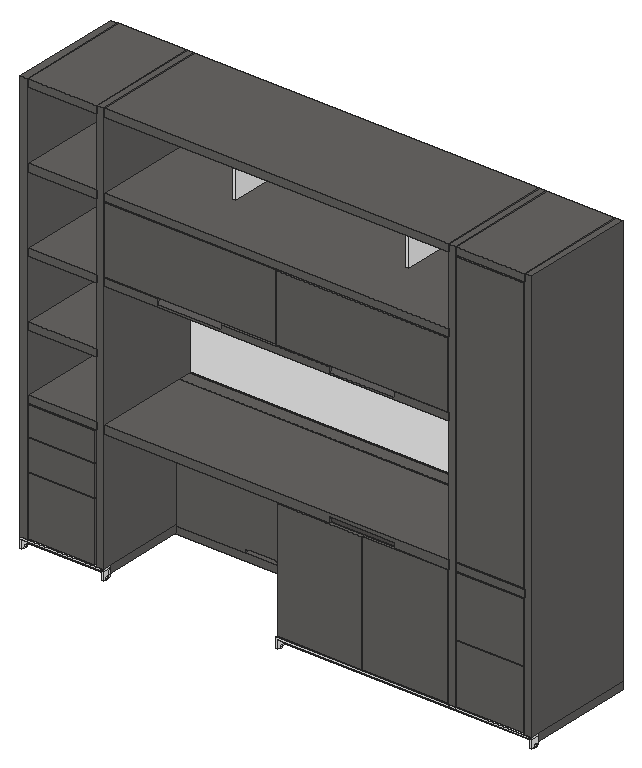
Revit family "Storage-Wall-Teknion-ZXOS_90_High_Without_Lights-R2011", category Furniture Systems, Revit 2013
Parameters (values of type "(See Type Catalog)")
  Working Wall Finish [instance] = Glass - Teknion - K6 - White Backpainted
  Width = 108 105/128"
  Warranty = "http://www.teknionstudio.com/pdfs/Teknion%20Studio%20Warranty.pdf"
  Wall Unit Finish [instance] = Veneer - Teknion - P7 - Grey Oak
  Unit Weight = 820.00 lbf
  URL = "www.teknionstudio.com"
  Tabletop Cutout Offset = if(Has Double Doors, 0", 4")  # 0"
  Right Storage Tower = Storage-Unit-Teknion-Tower : Upper Wardrobe & File/File Pedestal
  Left Storage Tower = Storage-Unit-Teknion-Tower : Upper Shelves & Box/Box/File Pedestal
  Series = "B&B Italia"
  Product Page URL = "http://www.teknionstudio.com/acexecutive/"
  Product Line = "AC Executive"
  Product Documentation Link = "http://www.teknionstudio.com/pricing/ac_executive_storage_walls_ppg.pdf"
  Part Number = "ZXOS"
  Model = ""
  Manufacturer Phone = "919-464-2920"
  Manufacturer Fax = "919-464-2927"
  Manufacturer Email = "customersupport@teknionstudio.com"
  Manufacturer Address = "3940 US 70 Business HWY West, Clayton, NC 27520"
  Manufacturer = "Teknion Studio"  # constant formula
  Low Emitting Material = yes
  Low Emitting Finish = yes
  Height = 89 123/128"
  Has File File Drawers = not(Has Double Doors)  # no
  Has Double Doors = yes
  Description = ""
  Depth = 24"
  Assembly Code = "E2020200"
Reference planes (in)
  plane 1 "Center F/B": y = 0
  plane 2: z = 0
  plane 3 "Back": y = 12
  plane 4 "Front": y = -12
  plane 5 "Doors Top": z = 73.80469
  plane 6: x = 28.60504
  plane 7: z = 29.68402
  plane 8: z = 56.1289
  plane 9: x = -44.78207
  plane 10: z = 2.1289
  plane 11 "Center L/R": x = -8.08858
  plane 12 "Foot Centerline": y = -11.2126
  plane 13 "Tabletop Cutout": y = -12
  plane 14 "Foot Centerline Front": y = -10.22835
  plane 15 "Foot Centerline Back": y = 10.22835
  plane 16: y = -8.484
  plane 17 "Left": x = -62.49874
  plane 18 "Right": x = 46.32157
  plane 19 "Top": z = 89.96094
Forms (in)
  Sweep 1, solid, material "Metal - Teknion - C6 - Chrome"
    path origin (0, 0, 0) x (1, 0, 0) y (0, 0, 1)
      loop
        line (-8.08858, 0.05803) -> (-8.08858, 2.1289) -> (28.60504, 2.1289)
    profile origin (10.25823, 0, 2.1289) x (0, 0, 1) y (0, -1, 0)
      loop
        line (0, 12) -> (-0.394, 12) -> (-0.394, 10.4252) -> (0, 10.4252) -> (0, 12)
  Sweep 2, solid, material "Metal - Teknion - C6 - Chrome"
    path origin (0, 0, 0) x (1, 0, 0) y (0, 0, 1)
      loop
        line (-8.08858, 2.1289) -> (28.60504, 2.1289)
    profile origin (10.25823, 0, 2.1289) x (0, 0, 1) y (0, -1, 0)
      loop
        line (-0.394, 10.6222) -> (-1.5748, 10.6222) -> (-1.5748, 10.4252) -> (-0.394, 10.4252) -> (-0.394, 10.6222)
  Revolve 3, solid, material "Metal - Teknion - C6 - Chrome"
    sketch origin (0.39385, -11.2126, 0) x (0, 0, -1) y (1, 0, 0)
      loop
        line (-0.4911, -8.28543) -> (-0.4911, -8.62008) -> (-0.45173, -8.65945) -> (-0.28492, -8.65945) -> (-0.24555, -8.62008) -> (-0.20618, -8.65945) -> (-0.03937, -8.65945) -> (0, -8.62008) -> (0, -8.28543) -> (-0.4911, -8.28543)
      axis (0, -8.28543) -> (-0.4911, -8.28543)
    angle from 0 to 360
  Sweep 4, solid, material "Veneer - Teknion - P7 - Grey Oak" <- "Wall Unit Finish"
    path origin (0, 0, 0) x (1, 0, 0) y (0, 0, 1)
      loop
        line (-44.78207, 29.68402) -> (28.60504, 29.68402)
    profile origin (-8.08852, 0, 29.68402) x (0, 0, 1) y (0, -1, 0)
      loop
        line (0, 12) -> (-1.7638, 12) -> (-1.7638, -7.11393) -> (-5.30827, -7.11393) -> (-5.30827, -7.08268) -> (-27.55512, -7.08268) -> (-27.55512, -7.11393) -> (-29.0945, -7.11393) -> (-29.0945, -12) -> (-27.55512, -12) -> (-27.55512, -7.80668) -> (-5.30828, -7.80668) -> (-5.30828, -12) -> (44.12067, -12) -> (44.12067, 12) -> (42.58097, 12) -> (42.58097, 11.2126) -> (27.98392, 11.2126) -> (27.98392, 12) -> (26.44488, 12) -> (26.44488, -10.94094) -> (0, -10.94094) -> (0, -10.90969) -> (-0.72441, -10.90969) -> (-0.72441, -10.56693) -> (0, -10.56693) -> (0, -8.05709) -> (-0.72441, -8.05709) -> (-0.72441, -7.80709) -> (0, -7.80709) -> (0, 12)
      loop
        line (60.27692, -12) -> (60.27692, 12) -> (58.73755, 12) -> (58.73755, -12) -> (60.27692, -12)
  Sweep 5, solid, material "Veneer - Teknion - P7 - Grey Oak" <- "Wall Unit Finish"
    path origin (0, 0, 0) x (1, 0, 0) y (0, 0, 1)
      loop
        line (-8.08858, 29.68402) -> (28.60504, 29.68402)
    profile origin (10.25823, 0, 29.68402) x (0, 0, 1) y (0, -1, 0)
      loop
        line (-1.7638, 11.27559) -> (-27.55512, 11.27559) -> (-27.55512, 10.4252) -> (-29.0945, 10.4252) -> (-29.0945, -12) -> (-1.7638, -12) -> (-1.7638, 11.27559)
  Sweep 6, solid, material "Veneer - Teknion - P7 - Grey Oak" <- "Wall Unit Finish"
    path origin (0, 0, 15.40683) x (-1, 0, 0) y (0, -1, 0)
      loop
        line (16.17717, 12) -> (16.17717, 11.276)
    profile origin (-16.17717, -11.638, 15.40683) x (-1, 0, 0) y (0, 0, 1)
      loop
        line (28.35376, 42.50186) -> (28.35376, 56.60815) -> (-7.96416, 56.60815) -> (-7.96416, 42.50186) -> (28.35376, 42.50186)
      loop
        line (-8.21416, 56.60815) -> (-44.5322, 56.60815) -> (-44.5322, 42.50186) -> (-8.21416, 42.50186) -> (-8.21416, 56.60815)
  Sweep 7, solid, material "Veneer - Teknion - P7 - Grey Oak" <- "Wall Unit Finish", visible <- "Has Double Doors"
    path origin (0, 0, 15.40683) x (-1, 0, 0) y (0, -1, 0)
      loop
        line (16.17717, 12) -> (16.17717, 11.276)
    profile origin (-16.17717, -11.638, 15.40683) x (-1, 0, 0) y (0, 0, 1)
      loop
        line (-44.5315, 12.26339) -> (-44.5315, -13.03482) -> (-26.54031, -13.03482) -> (-26.54031, 12.26339) -> (-44.5315, 12.26339)
      loop
        line (-26.29031, 12.26339) -> (-26.29031, -13.03482) -> (-8.33858, -13.03482) -> (-8.33858, 12.26339) -> (-26.29031, 12.26339)
  Sweep 8, solid, material "Veneer - Teknion - P7 - Grey Oak" <- "Wall Unit Finish", visible <- "Has File File Drawers"
    path origin (0, 0, 15.40683) x (-1, 0, 0) y (0, -1, 0)
      loop
        line (16.17717, 12) -> (16.17717, 11.276)
    profile origin (-16.17717, -11.638, 15.40683) x (-1, 0, 0) y (0, 0, 1)
      loop
        line (-44.5315, 12.26339) -> (-44.5315, 0.01144) -> (-8.33858, 0.01144) -> (-8.33858, 12.26339) -> (-44.5315, 12.26339)
      loop
        line (-8.33858, -0.77597) -> (-44.5315, -0.77597) -> (-44.5315, -13.03482) -> (-8.33858, -13.03482) -> (-8.33858, -0.77597)
  Sweep 9, void
    path origin (0, 0, 0) x (1, 0, 0) y (0, 0, 1)
      loop
        line (3.34896, 29.68402) -> (17.12848, 29.68402)
    profile origin (10.23872, 0, 29.68402) x (0, 0, 1) y (0, -1, 0)
      loop
        line (-1.7638, 12) -> (-1.7638, 11.52756) -> (-0.66143, 12) -> (-1.7638, 12)
  Sweep 10, void
    path origin (0, 0, 0) x (1, 0, 0) y (0, 0, 1)
      loop
        line (-33.3248, 56.1289) -> (-19.54528, 56.1289)
    profile origin (-26.43504, 0, 56.1289) x (0, 0, 1) y (0, -1, 0)
      loop
        line (1.53937, 12) -> (0.43699, 12) -> (1.53937, 11.52755) -> (1.53937, 12)
  Sweep 11, void
    path origin (0, 0, 0) x (1, 0, 0) y (0, 0, 1)
      loop
        line (3.36811, 56.1289) -> (17.14764, 56.1289)
    profile origin (10.25787, 0, 56.1289) x (0, 0, 1) y (0, -1, 0)
      loop
        line (1.53937, 11.52755) -> (1.53937, 12) -> (0.43699, 12) -> (1.53937, 11.52755)
  Sweep 12, void
    path origin (0, 0, 15.40683) x (-1, 0, 0) y (0, -1, 0)
      loop
        line (0, -7.80668) -> (0, -7.08268)
    profile origin (0, 7.44468, 15.40683) x (1, 0, 0) y (0, 0, 1)
      loop
        line (-29.86024, 8.96892) -> (-29.86024, 8.10396)
        arc (-29.86024, 8.10396) -> (-29.62961, 7.54718) -> (-29.07283, 7.31655) r 0.7874
        line (-29.07283, 7.31655) -> (-23.75787, 7.31655)
        arc (-23.75787, 7.31655) -> (-23.2011, 7.54718) -> (-22.97047, 8.10396) r 0.7874
        line (-22.97047, 8.10396) -> (-22.97047, 8.96892) -> (-29.86024, 8.96892)
      loop
        line (-22.97047, -13.27793) -> (-22.97047, -13.12045)
        arc (-22.97047, -13.12045) -> (-23.18957, -12.59152) -> (-23.7185, -12.37242) r 0.74803
        line (-23.7185, -12.37242) -> (-29.1122, -12.37242)
        arc (-29.1122, -12.37242) -> (-29.64114, -12.59152) -> (-29.86024, -13.12045) r 0.74803
        line (-29.86024, -13.12045) -> (-29.86024, -13.27793) -> (-22.97047, -13.27793)
  Sweep 13, solid, material "Acrylic - Teknion - Clear"
    path origin (0.93574, 0, 38.14576) x (-1, 0, 0) y (0, -1, 0)
      loop
        line (9.02433, -11.25197) -> (9.02433, 0.16535)
    profile origin (-8.08858, 5.54331, 38.14576) x (1, 0, 0) y (0, 0, 1)
      loop
        line (-18.65699, 50.26562) -> (-18.65699, 35.65893) -> (-18.0625, 35.65893) -> (-18.0625, 50.26562) -> (-18.65699, 50.26562)
      loop
        line (18.0625, 50.26562) -> (18.0625, 35.65893) -> (18.65699, 35.65893) -> (18.65699, 50.26562) -> (18.0625, 50.26562)
Cuts and joins
  joined: Sweep 1, Sweep 2, Revolve 3
  Sweep 9, Sweep 10, Sweep 11, Sweep 12 cuts Sweep 4
Lines and regions (in)
  Masking region 1
    outline origin (0, 0, 15.40683) x (-1, 0, 0) y (0, -1, 0)
      loop
        line (44.78207, -12) -> (44.78207, 12) -> (-28.60504, 12) -> (-28.60504, -12) -> (44.78207, -12)
  symbolic lines, style "Elevation Swing"
    curve 1: line (-44.78207, -12, 57.66827) -> (-26.43533, -12, 72.01499)
    curve 2: line (-8.08858, -12, 57.66832) -> (-26.43533, -12, 72.01499)
    curve 3: line (-8.08858, 0, 57.66832) -> (10.25823, 0, 72.18658)
    curve 4: line (10.25823, 0, 72.18658) -> (28.60504, 0, 57.66827)
  symbolic lines, style "Elevation Swing", visible <- "Has Double Doors"
    curve 5: line (10.11315, 0, 27.67022) -> (-7.83858, 0, 15.02111)
    curve 6: line (-7.83858, 0, 15.02111) -> (10.11315, 0, 2.37201)
    curve 7: line (10.36315, 0, 2.37201) -> (28.3549, 0, 15.02456)
    curve 8: line (28.3549, 0, 15.02456) -> (10.36315, 0, 27.67022)
  symbolic lines, detail levels medium+fine
    curve 9: line (-8.08858, 12, 15.40683) -> (-8.08858, -12, 15.40683)
  symbolic lines, style "FurnitureSystemsHiddenLines", detail levels fine
    curve 10: line (28.6049, -11.276, 15.40683) -> (-8.08858, -11.276, 15.40683)
    curve 15: line (28.6049, 12, 15.40683) -> (28.6049, -12, 15.40683)
  symbolic lines, visible <- "Has Double Doors"
    curve 11: arc (10.25823, -12, 15.40683) -> (15.63184, -24.97306, 15.40683) -> (28.6049, -30.34668, 15.40683) r 18.34668
    curve 12: line (-8.08858, -12, 15.40683) -> (-8.08858, -30.34681, 15.40683)
    curve 13: line (28.6049, -12, 15.40683) -> (28.6049, -30.34668, 15.40683)
    curve 14: arc (-8.08858, -30.34681, 15.40683) -> (4.88457, -24.97315, 15.40683) -> (10.25823, -12, 15.40683) r 18.34681
Dimensions and locks (in)
  equal spacing: plane 3 "Back", plane 1 "Center F/B", plane 4 "Front"
  "Depth": plane 3 "Back" to plane 4 "Front"
  "Height": plane 19 "Top" to plane 2
  locked: plane 7 to plane 2 at 29.68402
  locked: plane 8 to plane 7 at 26.44488
  locked: plane 10 to plane 2 at 2.1289
  locked: plane 10 to Sweep 2 sketch curve at 0.394
  locked: Sweep 2 sketch curve to Sweep 2 sketch curve at 1.1808
  plane 4 "Front" to Sweep 2 sketch curve to Sweep 2 sketch curve = 1.3778" locked, 0.197" locked
  locked: Revolve 3 sketch curve to plane 2 at 0.4911
  plane 11 "Center L/R" to Revolve 3 sketch curve = 0.17702"  (x2)
  Revolve 3 sketch curve to Revolve 3 sketch curve to Revolve 3 sketch curve to Revolve 3 sketch curve to Revolve 3 sketch curve to plane 2 = 0.16681" locked, 0.03937" locked, 0.03937" locked, 0.16681" locked, 0.03937" locked
  Revolve 3 sketch curve to plane 11 "Center L/R" = 0.197"
  locked: plane 4 "Front" to plane 12 "Foot Centerline" at 0.7874
  locked: plane 10 to Sweep 4 sketch curve at 1.53939
  locked: plane 7 to Sweep 4 sketch curve at 1.7638
  Sweep 5 sketch curve to Sweep 5 sketch curve to plane 3 "Back" = 23.27559", 0"
  locked: plane 7 to Sweep 5 sketch curve at 1.7638
  locked: plane 4 "Front" to Sweep 5 sketch curve at 1.5748
  locked: plane 4 "Front" to Sweep 6 sketch curve at 0.724
  plane 5 "Doors Top" to Sweep 6 sketch curve to Sweep 6 sketch curve = 1.7897" locked, 14.1063" locked  (x2)
  Sweep 6 sketch curve to Sweep 6 sketch curve to Sweep 6 sketch curve to Sweep 6 sketch curve = 36.31805", 1/4", 36.31791"
  locked: plane 4 "Front" to Sweep 7 sketch curve at 0.724
  locked: plane 4 "Front" to Sweep 8 sketch curve at 0.724
  locked: Sweep 9 sketch curve to Sweep 9 sketch curve at 13.77953
  locked: plane 7 to Sweep 9 sketch curve at 1.7638
  locked: plane 13 "Tabletop Cutout" to Sweep 9 sketch curve at 0.47244
  "Tabletop Cutout Offset": plane 13 "Tabletop Cutout" to plane 4 "Front"
  locked: Sweep 10 sketch curve to Sweep 10 sketch curve at 13.77953
  locked: Sweep 10 sketch curve to plane 8 at 1.53937
  locked: Sweep 10 sketch curve to plane 8 at 0.43699
  locked: plane 4 "Front" to Sweep 10 sketch curve at 0.47245
  Sweep 11 sketch curve to Sweep 11 sketch curve to plane 8 = 1.10238" locked, 0.43699" locked
  locked: plane 4 "Front" to Sweep 11 sketch curve at 0.47245
  plane 3 "Back" to Sweep 12 sketch curve to Sweep 12 sketch curve = 4.19332" locked, 0.724" locked
  equal spacing: plane 11 "Center L/R", curve 2, plane 9
  equal spacing: plane 6, curve 4, plane 11 "Center L/R"
  plane 4 "Front" to curve 10 = 0.724"
  locked: plane 3 "Back" to plane 15 "Foot Centerline Back" at 1.77165
  locked: plane 4 "Front" to plane 14 "Foot Centerline Front" at 1.77165
  locked: plane 4 "Front" to plane 16 at 3.516
  locked: plane 17 "Left" to plane 9 at 17.71667
  locked: Sweep 7 sketch curve to Sweep 7 sketch curve at 25.29821  (x2)
  Sweep 7 sketch curve to Sweep 7 sketch curve to Sweep 7 sketch curve to Sweep 7 sketch curve = 17.95173" locked, 1/4" locked, 17.99118" locked
  Sweep 8 sketch curve to Sweep 8 sketch curve to Sweep 8 sketch curve to Sweep 8 sketch curve = 12.25195" locked, 0.7874" locked, 12.25886" locked
  locked: Sweep 8 sketch curve to Sweep 8 sketch curve at 36.19291  (x2)
  equal spacing: curve 12, curve 14, plane 6
  locked: Sweep 12 sketch curve to Sweep 12 sketch curve at 6.88976  (x2)
  locked: Sweep 12 sketch curve to Sweep 12 sketch curve at 1.65236
  locked: Sweep 1 sketch curve to plane 2 at 0.05803
  locked: plane 6 to Sweep 9 sketch curve at 11.47655
  locked: plane 11 "Center L/R" to Sweep 10 sketch curve at 11.45669
  Sweep 11 sketch curve to Sweep 11 sketch curve to plane 11 "Center L/R" = 13.77953" locked, 11.45669" locked
  locked: Sweep 12 sketch curve to plane 11 "Center L/R" at 14.88189
  locked: plane 11 "Center L/R" to Sweep 12 sketch curve at 14.88189
  locked: plane 11 "Center L/R" to Sweep 8 sketch curve at 0.25
  locked: Sweep 8 sketch curve to plane 11 "Center L/R" at 0.25
  locked: plane 7 to Sweep 8 sketch curve at 2.0138
  locked: Sweep 7 sketch curve to plane 11 "Center L/R" at 0.25
  locked: plane 7 to Sweep 7 sketch curve at 2.0138  (x2)
  locked: Sweep 6 sketch curve to plane 6 at 0.25
  locked: Revolve 3 sketch curve to plane 11 "Center L/R" at 0.197
  locked: plane 6 to plane 18 "Right" at 17.71654
  "Width": plane 17 "Left" to plane 18 "Right"
  equal spacing: plane 17 "Left", plane 11 "Center L/R", plane 18 "Right"
  plane 19 "Top" to plane 5 "Doors Top" = 16 5/32"
  locked: Sweep 13 sketch curve to Sweep 13 sketch curve at 11.41732
  locked: Sweep 13 sketch curve to Sweep 13 sketch curve at 0.59449  (x2)
  locked: plane 3 "Back" to Sweep 13 sketch curve at 0.74803
  locked: Sweep 13 sketch curve to plane 11 "Center L/R" at 18.0625
  equal spacing: Sweep 13 sketch curve, plane 11 "Center L/R", Sweep 13 sketch curve
  locked: Sweep 13 sketch curve to plane 5 "Doors Top" at 14.60669  (x2)
  locked: plane 19 "Top" to Sweep 4 sketch curve at 1.53937
  locked: plane 5 "Doors Top" to Sweep 4 sketch curve at 1.5397
  locked: Sweep 4 sketch curve to plane 8 at 1.53904
  aligned and locked: level to plane 2
  aligned and locked: Sweep 1 sketch curve to plane 10  (x2)
  aligned and locked: Sweep 1 sketch curve to plane 4 "Front"
  aligned and locked: Sweep 2 sketch curve to plane 10
  aligned and locked: plane 2 to Revolve 3 sketch curve
  aligned and locked: Revolve 3 sketch curve to plane 2
  aligned and locked: plane 9 to Sweep 4 sketch curve
  aligned and locked: plane 6 to Sweep 4 sketch curve
  aligned and locked: Sweep 4 sketch curve to plane 7  (x4)
  aligned and locked: Sweep 4 sketch curve to plane 4 "Front"  (x2)
  aligned and locked: plane 3 "Back" to Sweep 4 sketch curve  (x3)
  aligned and locked: Sweep 5 sketch curve to plane 7
  aligned and locked: plane 10 to Sweep 5 sketch curve
  aligned and locked: plane 4 "Front" to Sweep 6 sketch curve
  aligned and locked: Sweep 4 sketch curve to plane 8
  aligned and locked: plane 4 "Front" to Sweep 7 sketch curve
  aligned and locked: plane 4 "Front" to Sweep 8 sketch curve
  aligned and locked: Sweep 9 sketch curve to plane 7
  aligned and locked: plane 13 "Tabletop Cutout" to Sweep 9 sketch curve
  aligned and locked: Sweep 10 sketch curve to plane 8
  aligned and locked: Sweep 11 sketch curve to plane 8
  aligned and locked: Sweep 11 sketch curve to plane 4 "Front"
  aligned and locked: plane 9 to curve 1
  aligned and locked: plane 11 "Center L/R" to curve 2
  aligned and locked: Sweep 6 to curve 2
  aligned and locked: plane 6 to curve 4
  aligned and locked: Masking region 1 sketch curve to plane 3 "Back"
  aligned and locked: Masking region 1 sketch curve to plane 4 "Front"
  aligned and locked: plane 3 "Back" to curve 9
  aligned and locked: plane 4 "Front" to curve 9
  aligned and locked: plane 3 "Back" to curve 15
  aligned and locked: plane 4 "Front" to curve 15
  aligned and locked: plane 4 "Front" to Sweep 10 sketch curve
  aligned and locked: Sweep 4 sketch curve to plane 5 "Doors Top"
  aligned and locked: plane 12 "Foot Centerline" to Sweep 4 sketch curve
  aligned and locked: plane 4 "Front" to Sweep 4 sketch curve  (x2)
  aligned and locked: plane 4 "Front" to curve 14
  aligned and locked: Sweep 1 sketch curve to plane 11 "Center L/R"
  aligned and locked: plane 11 "Center L/R" to Sweep 2 sketch curve
  aligned and locked: plane 10 to Sweep 12 sketch curve
  aligned and locked: plane 9 to Masking region 1 sketch curve
  aligned and locked: plane 1 "Center F/B" to Sweep 5 sketch curve
  aligned and locked: plane 11 "Center L/R" to Sweep 5 sketch curve
  aligned and locked: plane 6 to Sweep 5 sketch curve
  aligned and locked: nested 1 to plane 2
  aligned and locked: Sweep 7 to curve 7
  aligned and locked: curve 6 to Sweep 7
  aligned and locked: curve 8 to Sweep 7
  aligned and locked: Sweep 7 to curve 5
  aligned and locked: Sweep 7 to Sweep 7  (x3)
  aligned and locked: Sweep 7 to curve 6
  aligned and locked: curve 7 to Sweep 7
  aligned and locked: Sweep 7 to curve 8
  aligned and locked: Revolve 3 sketch curve to Revolve 3 sketch curve
  aligned and locked: plane 9 to nested 1
  aligned and locked: nested 1 to plane 1 "Center F/B"
  aligned and locked: Masking region 1 sketch curve to plane 6
  aligned and locked: plane 1 "Center F/B" to nested 2
  aligned and locked: nested 2 to plane 6
  aligned and locked: plane 2 to nested 2
  aligned and locked: plane 6 to Sweep 1 sketch curve
  aligned and locked: Sweep 13 sketch curve to plane 11 "Center L/R"
  aligned and locked: plane 5 "Doors Top" to Sweep 13 sketch curve  (x2)
  aligned and locked: Sweep 4 sketch curve to plane 19 "Top"
  aligned and locked: plane 6 to Sweep 2 sketch curve
  aligned and locked: Sweep 4 sketch curve to plane 10
Automatic sketch dimensions
  curve 9 to plane 11 "Center L/R" = 0"
  curve 11 to plane 6 = 0.00013"
  curve 11 to curve 14 = 0"
  plane 8 to curve 2 = 1.53942"
  plane 8 to curve 1 = 1.53937"
  profile plane to Sweep 1 sketch curve = 0.394"
  Sweep 1 sketch curve to Sweep 1 sketch curve = 1.5748"
  Sweep 5 sketch curve to plane 11 "Center L/R" = 0"
  Sweep 5 sketch curve to plane 6 = 0"
  Sweep 5 sketch curve to Sweep 5 sketch curve = 1.53939"
  profile plane to Sweep 9 sketch curve = 0.66143"
  profile plane to Sweep 12 sketch curve = 8.96892"
  Sweep 12 sketch curve to Sweep 12 sketch curve = 0.74803"  (x2)
  Sweep 12 sketch curve to Sweep 12 sketch curve = 0.7874"  (x2)
  Sweep 12 sketch curve to Sweep 12 sketch curve = 0.15748"
  plane 11 "Center L/R" to Sweep 12 sketch curve = 8.08858"
  curve 3 to plane 11 "Center L/R" = 0"
  curve 8 to plane 6 = 0.25013"
  curve 8 to curve 5 = 0"
  plane 10 to curve 8 = 12.89566"
  plane 10 to curve 6 = 12.89222"
  plane 10 to curve 6 = 0.24311"
  plane 8 to curve 4 = 1.53937"
  plane 8 to curve 3 = 1.53942"
  curve 3 to plane 5 "Doors Top" = 1.61811"
  Revolve 3 sketch curve to Revolve 3 sketch curve = 0.4777"
  Revolve 3 sketch curve to Revolve 3 sketch curve = 0.03937"  (x2)
  Sweep 4 sketch curve to Sweep 4 sketch curve = 0"  (x2)
  profile plane to Sweep 4 sketch curve = 5.30828"
  profile plane to Sweep 4 sketch curve = 0.72441"
  Sweep 4 sketch curve to Sweep 4 sketch curve = 0.72441"
  Sweep 4 sketch curve to Sweep 4 sketch curve = 1.05906"
  Sweep 4 sketch curve to Sweep 4 sketch curve = 1/32"  (x2)
  Sweep 4 sketch curve to Sweep 4 sketch curve = 0.34277"
  Sweep 4 sketch curve to Sweep 4 sketch curve = 2.50984"
  Sweep 4 sketch curve to Sweep 4 sketch curve = 1/4"
  Sweep 4 sketch curve to Sweep 4 sketch curve = 4.19332"
  Sweep 4 sketch curve to Sweep 4 sketch curve = 0.69316"
  Sweep 4 sketch curve to Sweep 4 sketch curve = 0.69275"
  Sweep 6 sketch curve to plane 11 "Center L/R" = 8.08858"
  Sweep 7 sketch curve to plane 11 "Center L/R" = 8.08858"
  Sweep 8 sketch curve to plane 11 "Center L/R" = 8.08858"
Nested families (in)
  nested 1: "Storage-Unit-Teknion-Tower" at (-53.64034, 0, 0) x (-1, 0, 0) z (0, 0, 1), type <- "Left Storage Tower", Height <- "Height", type "Upper Shelves & Box/Box/File Pedestal"
    with Height 89 123/128", Has Top Shelf yes, Has Right Leg yes, Has Left Leg yes, Bottom Drawer Height 13.047"
  nested 2: "Storage-Unit-Teknion-Tower" at (37.46331, 0, 0), type <- "Right Storage Tower", Height <- "Height", type "Upper Wardrobe & File/File Pedestal"
    with Height 89 123/128", Has Top Shelf no, Has Right Leg yes, Has Left Leg no, Bottom Drawer Height 13.047"
Definition of nested family "Storage-Unit-Teknion-Tower"
  Parameters (values of type "Upper Wardrobe & Lower Door")
    Width = 17.71654"
    Warranty = "http://www.teknionstudio.com/pdfs/Teknion%20Studio%20Warranty.pdf"
    Wall Unit Finish = Veneer - Teknion - P8 - Light Brushed Oak
    URL = "www.teknionstudio.com"
    Series = "B&B Italia"  # constant formula
    Product Line = "AC Executive"  # constant formula
    Model = ""
    Middle Drawer Height = if(Has Top Drawer, 6.425", 12.719")  # 12.719"
    Manufacturer Phone = "919-464-2920"
    Manufacturer Fax = "919-464-2927"
    Manufacturer Email = "customersupport@teknionstudio.com"
    Manufacturer Address = "3940 US 70 Business HWY West, Clayton, NC 27520"
    Manufacturer = "Teknion Studio"  # constant formula
    Height [instance] = 73.81394"
    Has Top Shelf [instance] = and(Height > 75", Has Shelves)  # no
    Has Top Drawer = no
    Has Top Door = yes
    Has Shelves = no
    Has Right Leg [instance] = yes
    Has Middle Drawer = no
    Has Lower Shelf = yes
    Has Left Leg [instance] = no
    Has Full Wardrobe Door = no
    Has Doors = yes
    Door Projection Symbol = yes
    Description = "Tower Storage Unit"
    Depth = 24"
    Bottom Drawer Height [instance] = if(Has Middle Drawer, 13.047", if(Has Top Drawer, 13.047", if(Has Full Wardrobe Door, (Height - 3.668"), 26.016")))  # 26.016"
    Assembly Code = "E2010200"
  Types (7): name | Middle Drawer Height | Has Top Drawer | Has Top Door | Has Shelves | Has Middle Drawer | Has Lower Shelf | Has Full Wardrobe Door | Has Doors | Door Projection Symbol | Bottom Drawer Height
    Upper Shelves & Lower Door | 12.719" | no | no | yes | no | yes | no | yes | yes | 26.016"
    Upper Shelves & File/File Pedestal | 12.719" | no | no | yes | yes | yes | no | no | no | 13.047"
    Upper Shelves & Box/Box/File Pedestal | 6.425" | yes | no | yes | yes | yes | yes | no | no | 13.047"
    Full Wardrobe | 12.719" | no | no | no | no | no | yes | yes | yes | 70.14594"
    Upper Wardrobe & Lower Door | 12.719" | no | yes | no | no | yes | no | yes | yes | 26.016"
    Upper Wardrobe & File/File Pedestal | 12.719" | no | yes | no | yes | yes | no | no | yes | 13.047"
    Upper Wardrobe & Box/Box/File Pedestal | 6.425" | yes | yes | no | yes | yes | no | no | yes | 13.047"
  Reference planes (in)
    plane 1 "Center F/B": y = 0
    plane 2: z = 0
    plane 3 "Center L/R": x = 0
    plane 4 "Left": x = -8.85827
    plane 5 "Right": x = 8.85827
    plane 6 "Back": y = 12
    plane 7 "Front": y = -12
    plane 8 "Top": z = 73.81394
    plane 9: x = -7.3189
    plane 10: x = 7.3189
    plane 11: z = 2.1289
    plane 12 "Foot Centerline": y = -11.2126
    plane 13: z = 29.68402
    plane 14 "Drawer 1 Top": z = 28.1449
    plane 15 "Drawer 2 Top": z = 40.8639
    plane 16 "Drawer 3 Top": z = 27.89502
    plane 17: z = 42.13677
  Forms (in)
    Sweep 1, solid, material "Metal - Teknion - C6 - Chrome", visible <- "Has Left Leg"
      path origin (0, -12, 0) x (1, 0, 0) y (0, 0, 1)
        loop
          line (-8.85827, 1.7349) -> (-8.85827, 0.05803)
      profile origin (-8.85827, -12, 0.89646) x (0, -1, 0) y (1, 0, 0)
        loop
          line (-1.5748, 0) -> (0, 0) -> (0, 0.394) -> (-1.5748, 0.394) -> (-1.5748, 0)
    Sweep 2, solid, material "Metal - Teknion - C6 - Chrome"
      path origin (0, -12, 0) x (1, 0, 0) y (0, 0, 1)
        loop
          line (-8.85827, 2.1289) -> (8.46427, 2.1289)
      profile origin (-0.197, -12, 2.1289) x (0, 0, 1) y (0, -1, 0)
        loop
          line (-0.394, -1.5748) -> (-0.394, -1.3778) -> (-1.575, -1.3778) -> (-1.575, -1.5748) -> (-0.394, -1.5748)
    Revolve 3, solid, material "Metal - Teknion - C6 - Chrome"
      sketch origin (0, -11.2126, 0) x (0, 0, -1) y (1, 0, 0)
        loop
          line (-0.4911, 8.32677) -> (-0.45173, 8.2874) -> (-0.28492, 8.2874) -> (-0.24555, 8.32677) -> (-0.20618, 8.2874) -> (-0.03937, 8.2874) -> (0, 8.32677) -> (0, 8.66142) -> (-0.4911, 8.66142) -> (-0.4911, 8.32677)
        axis (0, 8.66142) -> (-0.4911, 8.66142)
      angle from 0 to 360
    Revolve 4, solid, material "Metal - Teknion - C6 - Chrome", visible <- "Has Left Leg"
      sketch origin (0, -11.2126, 0) x (0, 0, -1) y (1, 0, 0)
        loop
          line (0, -8.99606) -> (0, -8.66142) -> (-0.4911, -8.66142) -> (-0.4911, -8.99606) -> (-0.45173, -9.03543) -> (-0.28492, -9.03543) -> (-0.24555, -8.99606) -> (-0.20618, -9.03543) -> (-0.03937, -9.03543) -> (0, -8.99606)
        axis (0, -8.66142) -> (-0.4911, -8.66142)
      angle from 0 to 360
    Sweep 5, solid, material "Veneer - Teknion - P8 - Light Brushed Oak" <- "Wall Unit Finish"
      path origin (0, 0, 0) x (1, 0, 0) y (0, 0, 1)
        loop
          line (0, 2.1289) -> (0, 73.81394)
      profile origin (0, 0, 37.97142) x (-1, 0, 0) y (0, -1, 0)
        loop
          line (8.85827, -12) -> (8.85827, 12) -> (7.3189, 12) -> (7.3189, -12) -> (8.85827, -12)
        loop
          line (-7.3189, 12) -> (-8.85827, 12) -> (-8.85827, -12) -> (-7.3189, -12) -> (-7.3189, 12)
    Sweep 6, solid, material "Veneer - Teknion - P8 - Light Brushed Oak" <- "Wall Unit Finish"
      path origin (0, 0, 15.40683) x (-1, 0, 0) y (0, -1, 0)
        loop
          line (0, -12) -> (0, 12)
      profile origin (0, 0, 15.40683) x (1, 0, 0) y (0, 0, 1)
        loop
          line (-7.3189, 58.4071) -> (-7.3189, 56.86773) -> (7.3189, 56.86773) -> (7.3189, 58.4071) -> (-7.3189, 58.4071)
    Sweep 7, solid, material "Veneer - Teknion - P8 - Light Brushed Oak" <- "Wall Unit Finish"
      path origin (0, -12, 0) x (1, 0, 0) y (0, 0, 1)
        loop
          line (0, 2.1289) -> (0, 72.27457)
      profile origin (0, -12, 37.20173) x (-1, 0, 0) y (0, -1, 0)
        loop
          line (7.3189, -24) -> (7.3189, -23.25) -> (-7.3189, -23.25) -> (-7.3189, -24) -> (7.3189, -24)
    Sweep 8, solid, material "Veneer - Teknion - P8 - Light Brushed Oak" <- "Wall Unit Finish", visible <- "Has Lower Shelf"
      path origin (0, -12, 0) x (1, 0, 0) y (0, 0, 1)
        loop
          line (-7.3189, 29.68402) -> (7.3189, 29.68402)
      profile origin (0, -12, 29.68402) x (0, 0, 1) y (0, -1, 0)
        loop
          line (0, 0) -> (-1.539, 0) -> (-1.539, -0.724) -> (-27.55512, -0.724) -> (-27.55512, -23.25) -> (0, -23.25) -> (0, 0)
    Sweep 9, solid, material "Veneer - Teknion - P8 - Light Brushed Oak" <- "Wall Unit Finish"
      path origin (0, -12, 0) x (1, 0, 0) y (0, 0, 1)
        loop
          line (0, 2.3789) -> (0, 27.8949)
      profile origin (0, -12, 15.1369) x (-1, 0, 0) y (0, -1, 0)
        loop
          line (7.0689, -0.724) -> (7.0689, 0) -> (-7.0689, 0) -> (-7.0689, -0.724) -> (7.0689, -0.724)
    Sweep 10, solid, material "Veneer - Teknion - P8 - Light Brushed Oak" <- "Wall Unit Finish", visible <- "Has Middle Drawer"
      path origin (0, -12, 0) x (1, 0, 0) y (0, 0, 1)
        loop
          line (0, 28.1449) -> (0, 40.8639)
      profile origin (0, -12, 34.5044) x (-1, 0, 0) y (0, -1, 0)
        loop
          line (7.0689, -0.724) -> (7.0689, 0) -> (-7.0689, 0) -> (-7.0689, -0.724) -> (7.0689, -0.724)
    Sweep 11, solid, material "Veneer - Teknion - P8 - Light Brushed Oak" <- "Wall Unit Finish", visible <- "Has Top Drawer"
      path origin (0, -12, 0) x (1, 0, 0) y (0, 0, 1)
        loop
          line (0, 47.15802) -> (0, 41.1139)
      profile origin (0, -12, 44.13596) x (0, -1, 0) y (1, 0, 0)
        loop
          line (0, 7.0689) -> (-0.724, 7.0689) -> (-0.724, -7.0689) -> (0, -7.0689) -> (0, 7.0689)
    Sweep 12, solid, material "Veneer - Teknion - P8 - Light Brushed Oak" <- "Wall Unit Finish", visible <- "Has Shelves"
      path origin (0, -12, 0) x (1, 0, 0) y (0, 0, 1)
        loop
          line (0, 42.13677) -> (0, 43.67614)
      profile origin (0, -12, 42.90646) x (-1, 0, 0) y (0, -1, 0)
        loop
          line (7.3189, -23.25) -> (7.3189, 0) -> (-7.3189, 0) -> (-7.3189, -23.25) -> (7.3189, -23.25)
    Sweep 13, solid, material "Veneer - Teknion - P8 - Light Brushed Oak" <- "Wall Unit Finish", visible <- "Has Shelves"
      path origin (0, -12, 13.9918) x (1, 0, 0) y (0, 0, 1)
        loop
          line (0, 42.13677) -> (0, 43.67614)
      profile origin (0, -12, 56.89825) x (-1, 0, 0) y (0, -1, 0)
        loop
          line (7.3189, -23.25) -> (7.3189, 0) -> (-7.3189, 0) -> (-7.3189, -23.25) -> (7.3189, -23.25)
    Sweep 14, solid, material "Veneer - Teknion - P8 - Light Brushed Oak" <- "Wall Unit Finish", visible <- "Has Top Door"
      path origin (0, -12, 0) x (1, 0, 0) y (0, 0, 1)
        loop
          line (0, 29.93402) -> (0, 72.02457)
      profile origin (0, -12, 50.97929) x (-1, 0, 0) y (0, -1, 0)
        loop
          line (7.0689, -0.724) -> (7.0689, 0) -> (-7.0689, 0) -> (-7.0689, -0.724) -> (7.0689, -0.724)
    Sweep 15, solid, material "Veneer - Teknion - P8 - Light Brushed Oak" <- "Wall Unit Finish"
      path origin (0, -12, 0) x (1, 0, 0) y (0, 0, 1)
        loop
          line (-8.85827, 2.1289) -> (8.85827, 2.1289)
      profile origin (0, -12, 2.1289) x (0, 0, 1) y (0, -1, 0)
        loop
          line (0, -1.5748) -> (-1.53937, -1.5748) -> (-1.53937, -24) -> (0, -24) -> (0, -1.5748)
    Sweep 16, solid, material "Veneer - Teknion - P8 - Light Brushed Oak" <- "Wall Unit Finish", visible <- "Has Top Shelf"
      path origin (0, 0, 0) x (1, 0, 0) y (0, 0, 1)
        loop
          line (0, 73.81394) -> (0, 72.27457)
      profile origin (0, 0, 73.04425) x (0, -1, 0) y (1, 0, 0)
        loop
          line (-11.25, -7.3189) -> (12, -7.3189) -> (12, 7.3189) -> (-11.25, 7.3189) -> (-11.25, -7.3189)
    Sweep 17, solid, material "Metal - Teknion - C6 - Chrome"
      path origin (0, 0, 0) x (1, 0, 0) y (0, 0, 1)
        loop
          line (-8.85827, 2.1289) -> (8.85827, 2.1289)
      profile origin (0, 0, 2.1289) x (0, 0, 1) y (0, -1, 0)
        loop
          line (0, 10.4252) -> (0, 12) -> (-0.394, 12) -> (-0.394, 10.4252) -> (0, 10.4252)
    Sweep 18, solid, material "Metal - Teknion - C6 - Chrome"
      path origin (0, 0, 0) x (1, 0, 0) y (0, 0, 1)
        loop
          line (8.85827, 1.7349) -> (8.85827, 0.05803)
      profile origin (8.85827, 0, 0.89646) x (0, -1, 0) y (1, 0, 0)
        loop
          line (10.4252, -0.394) -> (12, -0.394) -> (12, 0) -> (10.4252, 0) -> (10.4252, -0.394)
  Lines and regions (in)
    Masking region 1
      outline origin (0, 0, 15.40683) x (-1, 0, 0) y (0, -1, 0)
        loop
          line (8.85827, -12) -> (8.85827, 12) -> (-8.85827, 12) -> (-8.85827, -12) -> (8.85827, -12)
    symbolic lines, style "FurnitureSystems", detail levels medium+fine
      curve 1: line (-7.3189, 12, 15.40683) -> (-7.3189, -12, 15.40683)
      curve 2: line (7.3189, 12, 15.40683) -> (7.3189, -12, 15.40683)
    symbolic lines, style "FurnitureSystemsHiddenLines", detail levels fine
      curve 3: line (-7.3189, -11.276, 15.40683) -> (7.3189, -11.276, 15.40683)
    symbolic lines, style "Elevation Swing", visible <- "Has Doors"
      curve 4: line (-7.3189, -12, 2.1289) -> (7.3189, -12, 15.1369)
      curve 5: line (7.3189, -12, 15.1369) -> (-7.3189, -12, 28.1449)
    symbolic lines, style "Elevation Swing", visible <- "Has Top Door"
      curve 6: line (-7.3189, -12, 29.68402) -> (7.3189, -12, 50.97929)
      curve 7: line (7.3189, -12, 50.97929) -> (-7.3189, -12, 72.27457)
    symbolic lines, style "FurnitureSystems", visible <- "Door Projection Symbol"
      curve 8: arc (-7.3189, -12, 0) -> (-3.03159, -22.35048, 0) -> (7.3189, -26.6378, 0) r 14.6378
    symbolic lines, visible <- "Door Projection Symbol"
      curve 9: line (7.3189, -12, 15.40683) -> (7.3189, -26.6378, 15.40683)
  Dimensions and locks (in)
    equal spacing: plane 4 "Left", plane 3 "Center L/R", plane 5 "Right"
    "Width": plane 4 "Left" to plane 5 "Right"
    equal spacing: plane 6 "Back", plane 1 "Center F/B", plane 7 "Front"
    "Depth": plane 6 "Back" to plane 7 "Front"
    locked: plane 4 "Left" to plane 9 at 1.53937
    locked: plane 10 to plane 5 "Right" at 1.53937
    "Height": plane 8 "Top" to level
    locked: Sweep 1 sketch curve to level at 0.05803
    locked: plane 11 to plane 2 at 2.1289
    plane 11 to Sweep 2 sketch curve to Sweep 2 sketch curve = 0.394" locked, 1.181" locked
    plane 7 "Front" to Sweep 2 sketch curve to Sweep 2 sketch curve = 1.3778" locked, 0.197" locked
    locked: Revolve 3 sketch curve to plane 2 at 0.4911  (x2)
    locked: plane 5 "Right" to Revolve 3 sketch curve at 0.57087
    locked: plane 7 "Front" to plane 12 "Foot Centerline" at 0.7874
    Revolve 3 sketch curve to Revolve 3 sketch curve to Revolve 3 sketch curve to Revolve 3 sketch curve to plane 2 = 0.16681" locked, 0.07874" locked, 0.16681" locked, 0.03937" locked
    locked: Revolve 4 sketch curve to plane 2 at 0.4911  (x2)
    locked: Revolve 4 sketch curve to Revolve 4 sketch curve at 0.37402
    Revolve 4 sketch curve to Revolve 4 sketch curve to Revolve 4 sketch curve to Revolve 4 sketch curve to plane 2 = 0.16681" locked, 0.07874" locked, 0.16681" locked, 0.03937" locked
    locked: Revolve 4 sketch curve to plane 4 "Left" at 0.19685
    locked: plane 8 "Top" to Sweep 6 sketch curve at 1.53937
    locked: plane 8 "Top" to Sweep 7 sketch curve at 1.53937
    locked: plane 6 "Back" to Sweep 7 sketch curve at 0.75
    locked: plane 13 to plane 2 at 29.68402
    locked: plane 7 "Front" to Sweep 8 sketch curve at 0.724
    locked: plane 13 to Sweep 8 sketch curve at 1.539
    locked: plane 13 to plane 16 "Drawer 3 Top" at 1.789
    "Bottom Drawer Height": plane 14 "Drawer 1 Top" to plane 11
    "Middle Drawer Height": plane 15 "Drawer 2 Top" to plane 14 "Drawer 1 Top"
    locked: plane 14 "Drawer 1 Top" to Sweep 9 sketch curve at 0.25
    locked: plane 7 "Front" to Sweep 9 sketch curve at 0.724
    locked: Sweep 10 sketch curve to plane 12 "Foot Centerline" at 0.0634
    locked: plane 7 "Front" to Sweep 11 sketch curve at 0.724
    locked: plane 17 to plane 13 at 12.45276
    group 1 to group 2 = 0"  (x2)
    group 1 to group 2 = 13.9918"
    locked: Sweep 13 to plane 17 at 13.9918
    locked: plane 8 "Top" to Sweep 14 sketch curve at 1.78937
    locked: Sweep 14 sketch curve to plane 13 at 0.25
    locked: plane 7 "Front" to Sweep 14 sketch curve at 0.724
    locked: plane 11 to Sweep 15 sketch curve at 1.53937
    locked: plane 7 "Front" to Sweep 15 sketch curve at 1.5748
    equal spacing: Sweep 6, curve 7, plane 13
    equal spacing: plane 14 "Drawer 1 Top", curve 5, plane 11
    locked: plane 6 "Back" to Sweep 16 sketch curve at 0.75
    Sweep 16 sketch curve to Sweep 16 sketch curve to plane 2 = 1.53937" locked, 72.27457" locked
    locked: Sweep 9 sketch curve to plane 11 at 0.25
    locked: plane 9 to Sweep 9 sketch curve at 0.25
    locked: Sweep 9 sketch curve to plane 10 at 0.25
    locked: Sweep 11 sketch curve to plane 15 "Drawer 2 Top" at 0.25
    locked: plane 9 to Sweep 11 sketch curve at 0.25
    locked: Sweep 11 sketch curve to plane 10 at 0.25
    locked: Sweep 10 sketch curve to plane 10 at 0.25
    locked: plane 9 to Sweep 10 sketch curve at 0.25
    locked: Sweep 11 sketch curve to Sweep 11 sketch curve at 6.04412
    locked: Sweep 14 sketch curve to plane 10 at 0.25
    locked: plane 9 to Sweep 14 sketch curve at 0.25
    locked: plane 4 "Left" to Sweep 1 sketch curve at 0.394
    locked: plane 7 "Front" to Sweep 1 sketch curve at 1.5748
    locked: plane 11 to Sweep 1 sketch curve at 0.394
    locked: Sweep 17 sketch curve to plane 7 "Front" at 1.5748
    locked: plane 11 to Sweep 17 sketch curve at 0.394
    locked: Sweep 18 sketch curve to plane 2 at 0.05803
    locked: Sweep 18 sketch curve to plane 5 "Right" at 0.394
    locked: plane 7 "Front" to Sweep 18 sketch curve at 1.5748
    locked: plane 11 to Sweep 18 sketch curve at 0.394
    locked: plane 5 "Right" to Sweep 2 sketch curve at 0.394
    aligned and locked: level to plane 2
    aligned and locked: Sweep 1 sketch curve to plane 4 "Left"
    aligned and locked: Sweep 2 sketch curve to plane 11
    aligned and locked: plane 2 to Revolve 3 sketch curve
    aligned and locked: Revolve 3 sketch curve to plane 2
    aligned and locked: plane 2 to Revolve 4 sketch curve
    aligned and locked: Revolve 4 sketch curve to plane 2
    aligned and locked: plane 8 "Top" to Sweep 5 sketch curve
    aligned and locked: plane 11 to Sweep 5 sketch curve
    aligned and locked: plane 3 "Center L/R" to Sweep 5 sketch curve
    aligned and locked: Sweep 5 sketch curve to plane 6 "Back"
    aligned and locked: plane 6 "Back" to Sweep 5 sketch curve
    aligned and locked: Sweep 5 sketch curve to plane 10
    aligned and locked: plane 5 "Right" to Sweep 5 sketch curve
    aligned and locked: Sweep 5 sketch curve to plane 9
    aligned and locked: plane 4 "Left" to Sweep 5 sketch curve
    aligned and locked: Sweep 5 sketch curve to plane 7 "Front"
    aligned and locked: plane 7 "Front" to Sweep 5 sketch curve
    aligned and locked: plane 6 "Back" to Sweep 6 sketch curve
    aligned and locked: plane 7 "Front" to Sweep 6 sketch curve
    aligned and locked: Sweep 6 sketch curve to plane 3 "Center L/R"
    aligned and locked: plane 9 to Sweep 6 sketch curve
    aligned and locked: Sweep 6 sketch curve to plane 8 "Top"
    aligned and locked: Sweep 6 sketch curve to plane 10
    aligned and locked: plane 11 to Sweep 7 sketch curve
    aligned and locked: plane 3 "Center L/R" to Sweep 7 sketch curve
    aligned and locked: plane 9 to Sweep 7 sketch curve
    aligned and locked: Sweep 7 sketch curve to plane 10
    aligned and locked: Sweep 7 sketch curve to plane 6 "Back"
    aligned and locked: plane 9 to Sweep 8 sketch curve
    aligned and locked: plane 10 to Sweep 8 sketch curve
    aligned and locked: Sweep 8 sketch curve to plane 13  (x2)
    aligned and locked: plane 7 "Front" to Sweep 8 sketch curve
    aligned and locked: Sweep 8 sketch curve to plane 11
    aligned and locked: plane 3 "Center L/R" to Sweep 9 sketch curve
    aligned and locked: Sweep 9 sketch curve to plane 7 "Front"
    aligned and locked: plane 15 "Drawer 2 Top" to Sweep 10 sketch curve
    aligned and locked: plane 14 "Drawer 1 Top" to Sweep 10 sketch curve
    aligned and locked: plane 3 "Center L/R" to Sweep 10 sketch curve
    aligned and locked: plane 7 "Front" to Sweep 10 sketch curve
    aligned and locked: Sweep 11 sketch curve to plane 3 "Center L/R"
    aligned and locked: Sweep 11 sketch curve to plane 7 "Front"
    aligned and locked: Sweep 13 to plane 9
    aligned and locked: plane 3 "Center L/R" to Sweep 14 sketch curve
    aligned and locked: Sweep 14 sketch curve to plane 7 "Front"
    aligned and locked: plane 4 "Left" to Sweep 15 sketch curve
    aligned and locked: plane 5 "Right" to Sweep 15 sketch curve
    aligned and locked: Sweep 15 sketch curve to plane 11  (x2)
    aligned and locked: Sweep 15 sketch curve to plane 6 "Back"
    aligned and locked: plane 4 "Left" to Masking region 1 sketch curve
    aligned and locked: Masking region 1 sketch curve to plane 6 "Back"
    aligned and locked: Masking region 1 sketch curve to plane 5 "Right"
    aligned and locked: Masking region 1 sketch curve to plane 7 "Front"
    aligned and locked: plane 6 "Back" to curve 1
    aligned and locked: curve 1 to plane 9
    aligned and locked: plane 7 "Front" to curve 2
    aligned and locked: plane 6 "Back" to curve 2
    aligned and locked: curve 2 to plane 10
    aligned and locked: plane 9 to curve 3
    aligned and locked: plane 10 to curve 3
    aligned and locked: curve 3 to Sweep 14
    aligned and locked: plane 11 to curve 4
    aligned and locked: plane 9 to curve 4
    aligned and locked: plane 10 to curve 5
    aligned and locked: plane 9 to curve 5
    aligned and locked: plane 14 "Drawer 1 Top" to curve 5
    aligned and locked: plane 13 to curve 6
    aligned and locked: plane 9 to curve 6
    aligned and locked: plane 9 to curve 7
    aligned and locked: curve 7 to Sweep 6
    aligned and locked: plane 7 "Front" to curve 8
    aligned and locked: curve 8 to plane 10
    aligned and locked: Sweep 16 sketch curve to plane 3 "Center L/R"
    aligned and locked: plane 9 to Sweep 16 sketch curve
    aligned and locked: Sweep 16 sketch curve to plane 10
    aligned and locked: Sweep 16 sketch curve to plane 7 "Front"
    aligned and locked: plane 4 "Left" to Sweep 17 sketch curve
    aligned and locked: plane 5 "Right" to Sweep 17 sketch curve
    aligned and locked: Sweep 17 sketch curve to plane 11  (x2)
    aligned and locked: Sweep 17 sketch curve to plane 7 "Front"
    aligned and locked: Sweep 18 sketch curve to plane 5 "Right"  (x2)
    aligned and locked: Sweep 18 sketch curve to plane 7 "Front"
    aligned and locked: plane 4 "Left" to Sweep 2 sketch curve
  Automatic sketch dimensions
    Revolve 3 sketch curve to Revolve 3 sketch curve = 0.03937"  (x3)
    Revolve 3 sketch curve to Revolve 3 sketch curve = 0"  (x2)
    Revolve 3 sketch curve to plane 5 "Right" = 0.19685"
    Revolve 4 sketch curve to Revolve 4 sketch curve = 0.03937"  (x3)
    Revolve 4 sketch curve to Revolve 4 sketch curve = 0"  (x2)
    Sweep 12 sketch curve to Sweep 12 sketch curve = 1.53937"
    profile plane to Sweep 12 sketch curve = 0"
    profile plane to Sweep 12 sketch curve = 7.3189"
    Sweep 12 sketch curve to profile plane = 7.3189"
    Sweep 12 sketch curve to profile plane = 23 1/4"
    Sweep 13 sketch curve to Sweep 13 sketch curve = 1.53937"
    profile plane to Sweep 13 sketch curve = 0"
    profile plane to Sweep 13 sketch curve = 7.3189"
    Sweep 13 sketch curve to profile plane = 7.3189"
    Sweep 13 sketch curve to profile plane = 23 1/4"
    Sweep 8 sketch curve to Sweep 8 sketch curve = 22.526"
    curve 7 to plane 10 = 0"
    curve 8 to plane 9 = 0"
    plane 7 "Front" to curve 1 = 0"
    plane 7 "Front" to curve 9 = 14.6378"
    Sweep 1 sketch curve to profile plane = 0"
    plane 7 "Front" to Sweep 1 sketch curve = 0"
